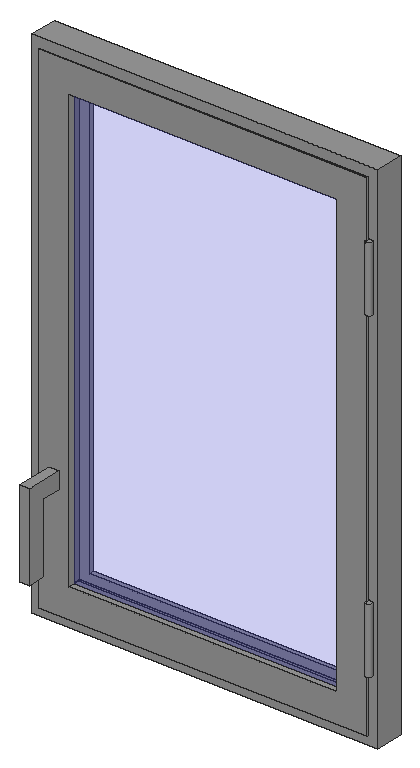
Revit family "2015_Ventana_Alugom_ALG 65 Optima_1-Hoja_Practicable", category Windows, host Wall, Revit 2015
Parameters (values of type "800 mm x 1200 mm")
  𝑙𝑔 = 2 * ((Width / 1 mm - (AnchoMarco / 1 mm * 2)) + (Height / 1 mm - (AnchoMarco / 1 mm * 2)))  # 3287.2
  𝑈𝑤 = ((𝐴𝑔 * 𝑈𝑔) + (𝐴𝑓 * 𝑈𝑓) + ((𝑙𝑔 * Y𝑔) * 1000)) / (𝐴𝑔 + 𝐴𝑓)  # 2.8614
  𝑈𝑔 = 1.9
  𝑈𝑓 = 3.629
  𝐴𝑔 = (Height / 1 mm - (AnchoMarco / 1 mm * 2)) * (Width / 1 mm - (AnchoMarco / 1 mm * 2))  # 635355.24
  𝐴𝑓 = (((Height / 1 mm + Width / 1 mm) * AnchoMarco / 1 mm) * 2) - (AnchoMarco / 1 mm * AnchoMarco / 1 mm * 4)  # 324644.76
  Y𝑔 = 0.11
  VidaUtilEsperada = ""
  VersionElementoBIM = "1.0"  # constant formula
  UnidadMedicion = ""
  UnidadMantenimiento = ""
  Unidad = ""
  Uniclass2.0Titulo = "\"Door and window systems\""
  Uniclass2.0Codigo = "\"25-30\""
  URLProducto = "http://www.alugom.com/Catalogo/tabid/336/ProdID/47/Language/es-ES/CatID/2/ventana_practicable_de_camara_europea_de_65_mm_con_RPT.aspx"
  URL Poliamida - Catálogo = "http://www.technoform.com/fileadmin/Technoform_Bautec/standardprofiles.html"
  URL Poliamida = "http://www.technoform.es/"
  URL = "http://www.alugom.com/es-es/inicio.aspx"
  UNSPSCTitulo = "Windows"  # constant formula
  UNSPSCCodigo = "30171600"  # constant formula
  Type Comments = "Sistema de Ventana de 1 Hoja Rotura de Puente Térmico ALG65 Óptima Practicable."
  TransmitanciaTermica = 0.0000 W/(m²·K)
  TrabajoMantenimiento = ""
  TipoEmbalajeProteccion = ""
  TiempoMedioEntreFallos = ""
  TelefonoContacto = "34 91 616 47 27"  # constant formula
  SalidaEmergencia = yes
  ResistenciaFuego = ""
  ResistenciaAlViento = ""
  ResiduosPeligrososPorUnidad = 0
  ResiduosPeligrosos = 0
  ResiduosNoPeligrososPorUnidad = 0
  ResiduosNoPeligrosos = 0
  ResiduoRadioactivoPorUnidad = 0
  ResiduoRadioactivo = 0
  ResiduoInertePorUnidad = 0
  ResiduoInerte = 0
  RepisaInterior = no
  RepisaExterior = no
  ReferenciaUnidadFuncional = ""
  ReferenciaLote = ""
  ReferenciaContacto = "Alugom"  # constant formula
  Referencia = ""
  PuntoDeContacto = ""
  Proyección Apertura = yes
  Practicable = yes
  Poliamida = Poliamida, Technoform Bautec, PA66 GF 25
  PermeabilidadAlAire = ""
  PeriodoGarantia = ""
  Perimetro = (Width / 1 mm * 2) + (Height / 1 mm * 2)  # 4000
  Operation = "Practicable"
  OmniclassTitulo = "Casment Window"  # constant formula
  OmniclassCodigo = "23.30.20.17.21.21"  # constant formula
  NumeroSerie = ""
  NumeroArticuloGlobalComercial = ""
  NumeroArticulo = ""
  NormativaMantenimiento = ""
  NivelSeguridad = ""
  Motorizada = no
  Model = "ALG65 Óptima Practicable"
  MaterialEnvase = ""
  MaterialContenedor = ""
  MateriaPrima = 0
  MasterformatTitulo = "Aluminium Windows"  # constant formula
  MasterformatCodigo = "08 51 13"  # constant formula
  MasaSuperficialKgm2 = 0
  Marco = Aluminio
  Manufacturer = "Grupo Alugom"  # constant formula
  Manija = yes
  LugarEnsamblaje = ""
  InstruccionesEspeciales = ""
  InformacionTecnica = "http://www.alugom.com/Catalogo/tabid/336/ProdID/47/Language/es-ES/CatID/2/ventana_practicable_de_camara_europea_de_65_mm_con_RPT.aspx"
  IndiceGlobalRedAcusticaTr = ""
  IndiceGlobalRedAcustica = ""
  IdentificadorGarantia = ""
  IFCClasificacion = ""
  GrosorMarco = 72 mm
  GrosorAcristalamiento = 39 mm
  GarantiaExtendida = ""
  FrecuenciaMantenimiento = ""
  FraccionAreaAcristalamiento = 0.00%
  FormacionFotoquimicaOzonoPorUnidad = 0
  FormacionFotoquimicaOzono = 0
  FechaVencimientoElementoBIM = "02/09/2017"  # constant formula
  FechaInstalacion = ""
  FechaInicioGarantia = ""
  FechaFinGarantia = ""
  FechaEvaluacion = ""
  FechaEmisionElementoBIM = "02/09/2016"  # constant formula
  FechaCompra = ""
  FaseCicloVida = ""
  FaltaDeRecursosPorUnidad = 0
  FaltaDeRecursos = 0
  FactorSombra = 0
  FactorSolarModificado = 3000000
  Exclusiones = ""
  EutrofizacionPorUnidad = 0
  Eutrofizacion = 0
  EtiquetaModelo = ""
  EstanqueidadAgua = ""
  Estado = ""
  EnergiaRenovableConsumidaPorUnidad = 0
  EnergiaRenovableConsumida = 0
  EnergiaPrimariaTotalConsumidaPorUnidad = 0
  EnergiaPrimariaTotalConsumida = 0
  EnergiaNoRenovableConsumidaPorUnidad = 0
  EnergiaNoRenovableConsumida = 0
  EmisionCO2 = 0
  EmailContacto = "alugom@alugom.com"  # constant formula
  DuracionVidaUtil = ""
  Detalle Perfileria = yes
  DestruccionCapaOzonoEstratosfericaPorUnidad = 0
  DestruccionCapaOzonoEstratosferica = 0
  DesfaseInterior = 0 mm
  DesfaseExterior = 0 mm
  Description = "Ventana Practicable"
  DescripcionEvaluacion = ""
  CosteMantenimiento = 0
  CosteEnergeticoMj = 0 J
  CosteEnergeticoKwh = 0
  ControlHumos = yes
  ContenidoGarantia = ""
  ConfiguracionPoliamidas = "350300 - 464700 - 464600 - 479900"  # constant formula
  CondicionesMantenimiento = ""
  CondicionesGeneralesDeContratacion = ""
  CondicionesEvaluacion = ""
  CodigoBedec = ""
  CodigoBarras = ""
  CertificadoMantenimiento = ""
  CerramientoExterior = yes
  CambioClimaticoPorUnidad = 0
  CambioClimatico = 0
  COBieCategoria = ""
  Aperturas [instance] = yes
  Anchura Real = if(Width > Anchura Máxima, Anchura Máxima, Width)  # 800 mm
  Anchura Máxima = 1700 mm
  AnchoMarco = 89.1 mm
  Altura Real = if(Height > Altura Máxima, Altura Máxima, Height)  # 1200 mm
  Altura Máxima = 2500 mm
  Height = 1200 mm
  Bimetica = "http://www.bimetica.com"
  AñoProduccion = ""
  Autor = "Bimetica Parametric Design Services, S.L."  # constant formula
  Area = Altura Real * Anchura Real  # 960000.00 mm²
  Altura de antepecho por defecto = 800 mm
  Wall Closure = By host
  Width = 800 mm
  AguaConsumidaPorUnidad = 0
  AguaConsumida = 0
  Acristalamiento = Vidrio
  AcidificacionAtmosfericaPorUnidad = 0
  AcidificacionAtmosferica = 0
  Acabado = ""
Reference planes
  plane 1 "Centro (Frontal/Posterior)": y = -28
  plane 2 "Centro (Izquierda/Derecha)": x = 0
  plane 3 "Izquierda": x = -400
  plane 4 "Derecha": x = 400
  plane 5 "Antepecho": z = 800
  plane 6 "Extremo inicial": z = 2000
  plane 7 "Interior": y = -100
  plane 8 "ASDAS": y = -100
  plane 9 "Altura Manija": z = 1100
Forms (mm)
  Sweep 1, solid, material "Aluminio" <- "Marco"
    path origin (0, -100, 0) x (1, 0, 0) y (0, 0, 1)
      loop
        line (-400, 800) -> (400, 800) -> (400, 2000) -> (-400, 2000) -> (-400, 800)
    profile origin (-400, -100, 1400) x (-1, 0, 0) y (0, -1, 0)
      loop
        line (0, -6.995) -> (-27.008, -6.995) -> (-27.008, -68.056) -> (-48.961, -68.056) -> (-48.961, -72) -> (0, -72) -> (0, -6.995)
  Sweep 2, solid, material "Aluminio" <- "Marco"
    path origin (0, -100, 0) x (1, 0, 0) y (0, 0, 1)
      loop
        line (-400, 800) -> (400, 800) -> (400, 2000) -> (-400, 2000) -> (-400, 800)
    profile origin (-400, -100, 1400) x (-1, 0, 0) y (0, -1, 0)
      loop
        line (-20.979, 0) -> (-89.021, 0) -> (-89.021, -14.457) -> (-73.5, -14.457) -> (-66.994, -17.772) -> (-66.994, -20.775) -> (-65.04, -20.775) -> (-65.04, -61.037) -> (-89.057, -61.037) -> (-89.057, -72.007) -> (-55.008, -72.007) -> (-55.008, -67.007) -> (-45.628, -67.007) -> (-45.628, -28.464) -> (-38.502, -28.464) -> (-38.502, -3.464) -> (-20.979, -3.464) -> (-20.979, 0)
  Extrusion 3, solid, material "Vidrio" <- "Acristalamiento"
    sketch origin (0, 0, 800) x (0, -1, 0) y (1, 0, 0)
      loop
        line (44.2, -328) -> (83.2, -328) -> (83.2, 328) -> (44.2, 328) -> (44.2, -328)
    from 72 to 1128
  Extrusion 4, solid, material "Aluminio" <- "Marco", detail levels fine
    sketch origin (0, 0, 800) x (0, -1, 0) y (1, 0, 0)
      loop
        line (94.875, 389.299) -> (93, 385.91) -> (93, 378.91) -> (101, 378.91)
        arc (101, 378.91) -> (107.03, 389.465) -> (94.875, 389.299) r 7
    from 150 to 300
  Extrusion 5, solid, material "Aluminio" <- "Marco", detail levels fine
    sketch origin (0, 0, 800) x (0, -1, 0) y (1, 0, 0)
      loop
        arc (101, 378.91) -> (107.03, 389.465) -> (94.875, 389.299) r 7
        line (94.875, 389.299) -> (93, 385.91) -> (93, 378.91) -> (101, 378.91)
    from 900 to 1050
  Extrusion 6, solid, material "Aluminio" <- "Marco", visible <- "Manija", detail levels fine
    sketch origin (400, 0, 0) x (0, -1, 0) y (0, 0, 1)
      loop
        line (184.9, 920) -> (184.9, 1121.882) -> (100, 1121.882) -> (100, 1081.882) -> (144.9, 1081.882) -> (144.9, 920) -> (184.9, 920)
    from 733.006 to 754.372
Lines and regions (mm)
  Opening 1
    outline origin (3500, -100, 0) x (1, 0, 0) y (0, 0, 1)
      loop
        line (-3100, 800) -> (-3100, 2000) -> (-3900, 2000) -> (-3900, 800) -> (-3100, 800)
  symbolic lines, style "WindowsGlassProjection", detail levels fine
    curve 1: line (-328, -49.2, 0) -> (328, -49.2, 0)
    curve 2: line (-328, -78.2, 0) -> (328, -78.2, 0)
    curve 3: line (328, -61.2, 0) -> (-328, -61.2, 0)
    curve 4: line (328, -66.2, 0) -> (-328, -66.2, 0)
    curve 6: line (-400, -49.2, 872) -> (-400, -49.2, 1928)
    curve 7: line (-400, -78.2, 872) -> (-400, -78.2, 1928)
    curve 8: line (-400, -66.2, 1928) -> (-400, -66.2, 872)
    curve 9: line (-400, -61.2, 1928) -> (-400, -61.2, 872)
  reference lines
    curve 5: line (0, -100, 800) -> (0, -28, 800)
  symbolic lines, style "Batiente de alzado", visible <- "Aperturas"
    curve 10: line (400, 521.549, 2000) -> (-379.021, 521.549, 1400)
    curve 11: line (400, 521.549, 800) -> (-379.021, 521.549, 1400)
Text (mm)
  text "EXTERIOR" at (-1963.203, 1332.353, 0), in view "Nivel de referencia"
  text "INTERIOR" at (-1981.466, -818.386, 0), in view "Nivel de referencia"
  text "Exterior" at (0, 923.751, 2943.296), in view "Derecha"
  text "Exterior" at (0, 1040.484, 2685.409), in view "Izquierda"
Dimensions and locks
  equal spacing: plane 3 "Izquierda", plane 2 "Centro (Izquierda/Derecha)", plane 4 "Derecha"
  "Anchura Real": plane 3 "Izquierda" to plane 4 "Derecha"
  "Height": plane 5 "Antepecho" to plane 6 "Extremo inicial"
  "Altura de antepecho por defecto": plane 5 "Antepecho" to level
  "DesfaseInterior": plane 8 "ASDAS" to plane 7 "Interior"
  "DesfaseExterior": host wall to plane 7 "Interior"
  plane 9 "Altura Manija" to level = 1100 mm
  "GrosorMarco": plane 8 "ASDAS" to plane 1 "Centro (Frontal/Posterior)"
  profile plane to Sweep 1 sketch curve to Sweep 1 sketch curve to Sweep 1 sketch curve = 6.995 mm locked, 61.061 mm locked, 3.944 mm locked
  profile plane to Sweep 1 sketch curve to Sweep 1 sketch curve = 27.008 mm locked, 21.952 mm locked
  profile plane to Sweep 2 sketch curve to Sweep 2 sketch curve to Sweep 2 sketch curve to Sweep 2 sketch curve to Sweep 2 sketch curve to Sweep 2 sketch curve to Sweep 2 sketch curve = 3.464 mm locked, 10.992 mm locked, 3.315 mm locked, 3.003 mm locked, 7.69 mm locked, 32.573 mm locked, 5.97 mm locked
  profile plane to Sweep 2 sketch curve to Sweep 2 sketch curve to Sweep 2 sketch curve to Sweep 2 sketch curve to Sweep 2 sketch curve to Sweep 2 sketch curve to Sweep 2 sketch curve to Sweep 2 sketch curve to Sweep 2 sketch curve = 20.979 mm locked, 17.523 mm locked, 7.126 mm locked, 9.379 mm locked, 10.032 mm locked, 1.954 mm locked, 6.506 mm locked, 15.521 mm locked, 0.036 mm locked
  "GrosorAcristalamiento": Extrusion 3 sketch curve to Extrusion 3 sketch curve
  locked: Extrusion 3 sketch curve to plane 1 "Centro (Frontal/Posterior)" at 16.2
  locked: Extrusion 3 sketch curve to plane 4 "Derecha" at 72
  locked: plane 3 "Izquierda" to Extrusion 3 sketch curve at 72
  Extrusion 3 to curve 1 to curve 3 to curve 4 to curve 2 = 5 mm locked, 12 mm locked, 5 mm locked, 12 mm locked
  locked: nested 3 to plane 1 "Centro (Frontal/Posterior)" at 72
  locked: plane 5 "Antepecho" to Extrusion 3 at 72
  locked: Extrusion 3 to plane 6 "Extremo inicial" at 72
  locked: nested 4 to plane 1 "Centro (Frontal/Posterior)" at 72
  Extrusion 4 sketch curve to plane 8 "ASDAS" to Extrusion 4 sketch curve = 1 mm locked, 7 mm locked
  Extrusion 4 sketch curve to Extrusion 4 sketch curve to Extrusion 4 sketch curve to plane 4 "Derecha" = 0 mm locked, 7 mm locked, 14.09 mm locked
  Extrusion 4 sketch curve to Extrusion 4 sketch curve to plane 4 "Derecha" = 3.389 mm locked, 10.701 mm locked
  Extrusion 4 to Extrusion 4 to plane 5 "Antepecho" = 150 mm locked, 150 mm locked
  Extrusion 5 sketch curve to Extrusion 5 sketch curve to Extrusion 5 sketch curve to Extrusion 5 sketch curve to plane 4 "Derecha" = 7 mm locked, 0 mm locked, 3.389 mm locked, 10.701 mm locked
  Extrusion 5 sketch curve to plane 8 "ASDAS" to Extrusion 4 = 1 mm locked, 7 mm locked
  locked: Extrusion 5 sketch curve to plane 8 "ASDAS" at 1
  plane 6 "Extremo inicial" to Extrusion 5 to Extrusion 5 = 150 mm locked, 150 mm locked
  plane 5 "Antepecho" to Extrusion 6 sketch curve to Extrusion 6 sketch curve to Extrusion 6 sketch curve = 120 mm locked, 161.882 mm locked, 40 mm locked
  Extrusion 6 sketch curve to Extrusion 6 sketch curve to Extrusion 6 sketch curve to plane 1 "Centro (Frontal/Posterior)" = 40 mm locked, 44.9 mm locked, 72 mm locked
  plane 3 "Izquierda" to Extrusion 6 to Extrusion 6 = 45.628 mm locked, 21.366 mm locked
  Extrusion 3 to curve 6 to curve 9 to curve 8 to curve 7 = 5 mm locked, 12 mm locked, 5 mm locked, 12 mm locked
  equal spacing: plane 6 "Extremo inicial", curve 11, plane 5 "Antepecho"
  plane 3 "Izquierda" to plane 4 "Derecha" = 800 mm
  locked: plane 3 "Izquierda" to curve 11 at 20.979
  aligned and locked: plane 8 "ASDAS" to nested 1
  aligned and locked: nested 1 to plane 3 "Izquierda"
  aligned and locked: nested 2 to plane 4 "Derecha"
  aligned and locked: nested 2 to plane 8 "ASDAS"
  aligned and locked: plane 5 "Antepecho" to Sweep 1 sketch curve
  aligned and locked: plane 3 "Izquierda" to Sweep 1 sketch curve
  aligned and locked: Sweep 1 sketch curve to plane 6 "Extremo inicial"
  aligned and locked: Sweep 1 sketch curve to plane 4 "Derecha"
  aligned and locked: profile plane to Sweep 1 sketch curve
  aligned and locked: Sweep 2 sketch curve to plane 5 "Antepecho"
  aligned and locked: Sweep 2 sketch curve to plane 3 "Izquierda"
  aligned and locked: plane 6 "Extremo inicial" to Sweep 2 sketch curve
  aligned and locked: plane 4 "Derecha" to Sweep 2 sketch curve
  aligned and locked: Sweep 2 sketch curve to profile plane
  aligned and locked: Extrusion 3 to curve 1  (x2)
  aligned and locked: Extrusion 3 to curve 2  (x2)
  aligned and locked: Extrusion 3 to curve 3  (x2)
  aligned and locked: Extrusion 3 to curve 4  (x2)
  aligned and locked: nested 3 to plane 5 "Antepecho"
  aligned and locked: nested 4 to plane 6 "Extremo inicial"
  aligned and locked: curve 5 to plane 2 "Centro (Izquierda/Derecha)"
  aligned and locked: plane 1 "Centro (Frontal/Posterior)" to curve 5
  aligned and locked: plane 8 "ASDAS" to curve 5
  aligned and locked: Extrusion 3 to curve 6  (x2)
  aligned and locked: Extrusion 3 to curve 7  (x2)
  aligned and locked: Extrusion 3 to curve 8  (x2)
  aligned and locked: Extrusion 3 to curve 9  (x2)
  aligned and locked: plane 6 "Extremo inicial" to curve 10
  aligned and locked: plane 4 "Derecha" to curve 10
  aligned and locked: plane 4 "Derecha" to curve 11
Automatic sketch dimensions
  Sweep 2 sketch curve to Sweep 2 sketch curve = 10.97 mm
  Extrusion 5 sketch curve to Extrusion 5 sketch curve = 1.875 mm
  plane 3 "Izquierda" to Opening 1 sketch curve = 0 mm
  plane 4 "Derecha" to Opening 1 sketch curve = 0 mm
  Opening 1 sketch curve to plane 5 "Antepecho" = 0 mm
  Opening 1 sketch curve to plane 6 "Extremo inicial" = 0 mm
  curve 11 to plane 5 "Antepecho" = 0 mm
Nested families
  nested 1: "ALG 65 Optima_Detalle-Carpintería-Marco y Hoja Practicable" at (-400, -100, 0), visible <- "Detalle Perfileria", type "Marco y Hoja Practicable", detail levels medium+fine
  nested 2: "ALG 65 Optima_Detalle-Carpintería-Marco y Hoja Practicable" at (400, -100, 0) x (-1, 0, 0) z (0, 0, 1), visible <- "Detalle Perfileria", type "Marco y Hoja Practicable", detail levels medium+fine
  nested 3: "ALG 65 Optima_Detalle-Carpintería-Marco y Hoja Practicable" at (400, -100, 800) x (0, 0, 1) z (-1, 0, 0), visible <- "Detalle Perfileria", type "Marco y Hoja Practicable", detail levels medium+fine
  nested 4: "ALG 65 Optima_Detalle-Carpintería-Marco y Hoja Practicable" at (400, -100, 2000) x (0, 0, -1) z (-1, 0, 0), visible <- "Detalle Perfileria", type "Marco y Hoja Practicable", detail levels medium+fine
Definition of nested family "ALG 65 Optima_Detalle-Carpintería-Marco y Hoja Practicable"
  Parameters (values of type "Marco y Hoja Practicable")
    URL = "http://www.alugom.com/"
    Model = "ALG 65 Optima"  # constant formula
    Marco y Hoja Practicable = yes
    FechaVencimientoElementoBIM = "01/01/2017"  # constant formula
    FechaEmisionElementoBIM = "02/09/2016"  # constant formula
    Manufacturer = "Grupo Alugom"  # constant formula
    Description = "Detalle carpintería ALG 65 Optima_Marco y Hoja Practicable"
    Bimetica = "http://www.bimetica.com"
    Autor = "Bimetica Parametric Design Services, S.L."  # constant formula
  Reference planes
    plane 1 "Centro (Frontal/Posterior)": y = 0
    plane 2: z = 0
    plane 3 "Centro (Izquierda/Derecha)": x = 0
  Lines and regions (mm)
    Masking region 1, in view "Nivel de referencia", visible <- "Marco y Hoja Practicable"
      outline origin (0, 0, 0) x (1, 0, 0) y (0, 1, 0)
        loop
          line (0, 7) -> (21.061, 7) -> (21.061, 1)
          arc (21.061, 1) -> (21.354, 0.293) -> (22.061, 0) r 1
          line (22.061, 0) -> (88.521, 0)
          arc (88.521, 0) -> (88.875, 0.146) -> (89.021, 0.5) r 0.5
          line (89.021, 0.5) -> (89.021, 14.457) -> (73.671, 14.457) -> (66.994, 17.859) -> (66.994, 20.775) -> (64.979, 20.775) -> (64.979, 60.99) -> (88.982, 60.99) -> (88.982, 71.972) -> (54.998, 71.972) -> (54.998, 66.972) -> (49.001, 66.972) -> (49.001, 71.472)
          arc (49.001, 71.472) -> (48.855, 71.826) -> (48.501, 71.972) r 0.5
          line (48.501, 71.972) -> (0, 71.972) -> (0, 7)
  Dimensions and locks
    locked: plane 1 "Centro (Frontal/Posterior)" to Masking region 1 sketch curve at 7
    aligned and locked: plane 3 "Centro (Izquierda/Derecha)" to import instance
    aligned and locked: plane 1 "Centro (Frontal/Posterior)" to import instance
